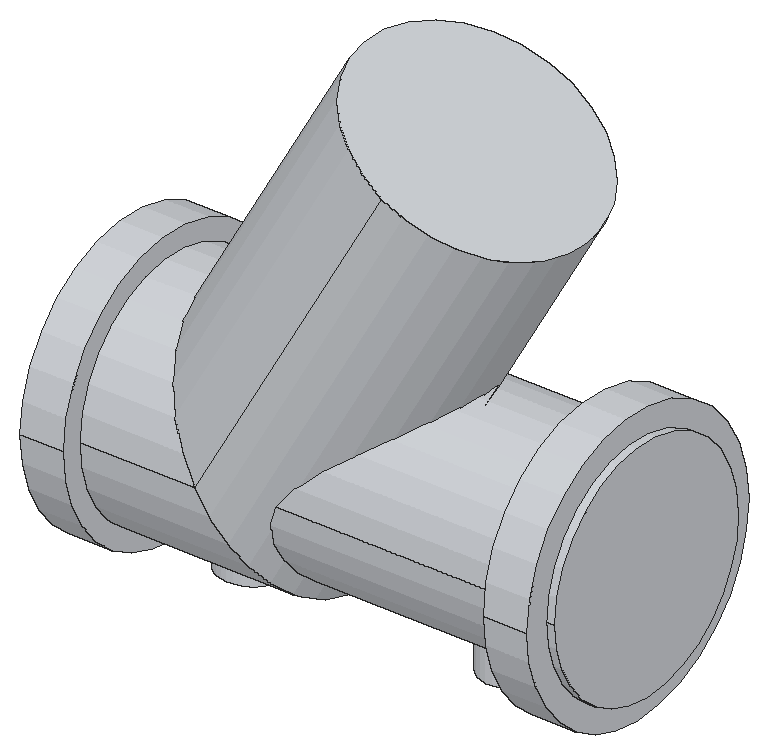
Revit family "HS 821-síto_jemné-PN16-DN400-RFA_2018", category Pipe Accessories, Revit 2018
Family settings
  Round Connector Dimension = Use Diameter
  Part Type = Breaks Into
  Work Plane-Based = No
  Always vertical = Yes
  Cut with Voids When Loaded = No
  Shared = No
Parameters (values of type "821A-DN400-PN16-síto_jemné")
  magiProductId = "d2f677cb196647e385b2590e7d8abe"
  magiProductFamilyId = "79214ac3aaa945e397802f559f5c1e"
  magiPartTypeId = 307
  isMeasuringValve [instance] = no
  ang2D [instance] = 0.00°
  ZB__ve = -ZB  # -89 mm
  ZB1 = 194.4 mm
  ZB = 89 mm
  X2 = 392.237 mm
  X1 = 154 mm
  W2D = 15 mm
  VersionID = "2.0/2017.9.26.1/ZETKAMA_821_001"
  Use Minimum Symbol Size [instance] = yes
  URL = "www.hydronix.cz"
  Type Comments = "Filtr přírubový; síto jemné; A-PN16 (-10~300°C); D-PN25 (-10~350°C); F-PN40 (-10~400°C)"
  S = 480 mm
  QmdConnectorList = "301;D;302;D"
  Productdata [instance] = ""
  Manufacturer = "Hydronix"
  MC Product Code = "210 197 (821A; DN400; PN16; kvs3438,4; oko síta 0,63mm)"
  LM1 = 88 mm
  LM = 880 mm
  L4 = 275 mm
  L2D_Min = 3048 mm
  L2D = 130 mm
  L2 = 550 mm
  HH2 = 679.375 mm
  FD = 580 mm
  Description = "Filtr přírubový; síto jemné; 821A-PN16; 821D-PN25; 821F-PN40"
  DM1 = 498 mm
  DM = 432 mm
  D = 400 mm
  CC = 18.7 mm
  CAT0 = yes
  C1 = 91.3 mm
  C = 110 mm
  BD = 136.08 mm
Types (40, lengths in mm): name | magiProductId | ZB__ve | ZB1 | ZB | X2 | X1 | S | MC Product Code | LM1 | LM | L4 | L2 | HH2 | FD | DM1 | DM | D | CC | C1 | C | BD
  821A-DN015-PN16-síto_jemné | "a71bcfe8b393460598b23e8ddf7dc5" | -16.25 | 18.63 | 16.25 | 46.982 | 18.2 | 46 | "210 115 (821A; DN015; PN16; kvs6,2; oko síta 0,63mm)" | 10.4 | 104 | 32.5 | 65 | 81.375 | 95 | 27.6 | 41.4 | 15 | 2.21 | 10.79 | 13 | 13.041
  821A-DN020-PN16-síto_jemné | "41cd6c7a12924f4991217528336076" | -17.75 | 22.68 | 17.75 | 51.673 | 21 | 56 | "210 120 (821A; DN020; PN16; kvs9,6; oko síta 0,63mm)" | 12 | 120 | 37.5 | 75 | 89.5 | 105 | 33.6 | 50.4 | 20 | 2.55 | 12.45 | 15 | 15.876
  821A-DN025-PN16-síto_jemné | "be378b463ed14c3abf4c9b3ae8cf3a" | -19.25 | 26.325 | 19.25 | 58.601 | 22.4 | 65 | "210 125 (821A; DN025; PN16; kvs14,2; oko síta 0,63mm)" | 12.8 | 128 | 40 | 80 | 101.5 | 115 | 43.2 | 58.5 | 25 | 2.72 | 13.28 | 16 | 18.427
  821A-DN032-PN16-síto_jemné | "227a0d18b21540afabe8b6067d35fa" | -23 | 30.78 | 23 | 68.849 | 25.2 | 76 | "210 132 (821A; DN032; PN16; kvs23,1; oko síta 0,63mm)" | 14.4 | 144 | 45 | 90 | 119.25 | 140 | 50.4 | 68.4 | 32 | 3.06 | 14.94 | 18 | 21.546
  821A-DN040-PN16-síto_jemné | "d106917c74724141a10440112d0102" | -24.5 | 34.02 | 24.5 | 75.777 | 28 | 84 | "210 140 (821A; DN040; PN16; kvs36,6; oko síta 0,63mm)" | 16 | 160 | 50 | 100 | 131.25 | 150 | 60 | 75.6 | 40 | 3.4 | 16.6 | 20 | 23.814
  821A-DN050-PN16-síto_jemné | "8255d456a09e4f6486734f5dd9171b" | -26.75 | 40.095 | 26.75 | 79.061 | 32.2 | 99 | "210 150 (821A; DN050 PN16; kvs53,7; oko síta 0,63mm)" | 18.4 | 184 | 57.5 | 115 | 136.938 | 165 | 73.8 | 89.1 | 50 | 3.91 | 19.09 | 23 | 28.066
  821A-DN065-PN16-síto_jemné | "235b1b3e4c0843779a4d5e3716d40a" | -29.75 | 47.79 | 29.75 | 86.927 | 40.6 | 118 | "210 165 (821A; DN065; PN16; kvs95,1; oko síta 0,63mm)" | 23.2 | 232 | 72.5 | 145 | 150.562 | 185 | 94.2 | 106.2 | 65 | 4.93 | 24.07 | 29 | 33.453
  821A-DN080-PN16-síto_jemné | "a067f7c5236348ed8c820d16df7214" | -32 | 53.46 | 32 | 104.753 | 43.4 | 132 | "210 180 (821A; DN080; PN16; kvs137,1; oko síta 0,63mm)" | 24.8 | 248 | 77.5 | 155 | 181.438 | 200 | 107.4 | 118.8 | 80 | 5.27 | 25.73 | 31 | 37.422
  821A-DN100-PN16-síto_jemné | "c49a648c2747461285837d643703cd" | -35 | 63.18 | 35 | 114.857 | 49 | 156 | "210 190 (821A; DN100; PN16; kvs206,4; oko síta 0,63mm)" | 28 | 280 | 87.5 | 175 | 198.937 | 220 | 131.4 | 140.4 | 100 | 5.95 | 29.05 | 35 | 44.226
  821A-DN125-PN16-síto_jemné | "bf68e728a163493cbd2a663b26ebdc" | -39.5 | 74.52 | 39.5 | 131.888 | 56 | 184 | "210 191 (821A; DN125; PN16; kvs268,8; oko síta 0,63mm)" | 32 | 320 | 100 | 200 | 228.438 | 250 | 165 | 165.6 | 125 | 6.8 | 33.2 | 40 | 52.164
  821A-DN150-PN16-síto_jemné | "2de770284b654863ae6bc865769dc5" | -44.75 | 85.455 | 44.75 | 155.885 | 67.2 | 211 | "210 192 (821A; DN150; PN16; kvs401,4; oko síta 0,63mm)" | 38.4 | 384 | 120 | 240 | 270 | 285 | 192 | 189.9 | 150 | 8.16 | 39.84 | 48 | 59.818
  821A-DN200-PN16-síto_jemné | "8e5693371ab64aabb29a7f08c76e15" | -53 | 107.73 | 53 | 188.361 | 84 | 266 | "210 193 (821A; DN200; PN16; kvs706,7; oko síta 0,63mm)" | 48 | 480 | 150 | 300 | 326.25 | 340 | 252 | 239.4 | 200 | 10.2 | 49.8 | 60 | 75.411
  821A-DN250-PN16-síto_jemné | "05e37ed948c34047acdd4c42556504" | -62.75 | 129.195 | 62.75 | 255.911 | 102.2 | 319 | "210 194 (821A; DN250; PN16; kvs1229,4; oko síta 0,63mm)" | 58.4 | 584 | 182.5 | 365 | 443.25 | 405 | 309.6 | 287.1 | 250 | 12.41 | 60.59 | 73 | 90.436
  821A-DN300-PN16-síto_jemné | "9ad0af747269428da925480d83ce80" | -71 | 149.85 | 71 | 325.914 | 119 | 370 | "210 195 (821A; DN300; PN16; kvs1902,4; oko síta 0,63mm)" | 68 | 680 | 212.5 | 425 | 564.5 | 460 | 369.6 | 333 | 300 | 14.45 | 70.55 | 85 | 104.895
  821A-DN350-PN16-síto_jemné | "eebc71459bb3451bb4355e7951370a" | -80 | 173.745 | 80 | 356.875 | 137.2 | 429 | "200 196 (821A; DN350; PN16; kvs2611,0; oko síta 0,63mm)" | 78.4 | 784 | 245 | 490 | 618.125 | 520 | 438 | 386.1 | 350 | 16.66 | 81.34 | 98 | 121.621
  821A-DN400-PN16-síto_jemné | "d2f677cb196647e385b2590e7d8abe" | -89 | 194.4 | 89 | 392.237 | 154 | 480 | "210 197 (821A; DN400; PN16; kvs3438,4; oko síta 0,63mm)" | 88 | 880 | 275 | 550 | 679.375 | 580 | 498 | 432 | 400 | 18.7 | 91.3 | 110 | 136.08
  821D-DN015-PN25-síto_jemné | "27ddcbf555414f8ca1fde329bf9087" | -16.25 | 18.63 | 16.25 | 46.982 | 18.2 | 46 | "210 215 (821D; DN015; PN25; kvs6,2; oko síta 0,63mm)" | 10.4 | 104 | 32.5 | 65 | 81.375 | 95 | 27.6 | 41.4 | 15 | 2.21 | 10.79 | 13 | 13.041
  821D-DN020-PN25-síto_jemné | "270e0f14012f47189cd0235c18faee" | -17.75 | 22.68 | 17.75 | 51.673 | 21 | 56 | "210 220 (821D; DN020; PN25; kvs9,6; oko síta 0,63mm)" | 12 | 120 | 37.5 | 75 | 89.5 | 105 | 33.6 | 50.4 | 20 | 2.55 | 12.45 | 15 | 15.876
  821D-DN025-PN25-síto_jemné | "b9a7fb4aa36643878c637d8e1ab992" | -19.25 | 26.325 | 19.25 | 58.601 | 22.4 | 65 | "210 225 (821D; DN025; PN25; kvs14,2; oko síta 0,63mm)" | 12.8 | 128 | 40 | 80 | 101.5 | 115 | 43.2 | 58.5 | 25 | 2.72 | 13.28 | 16 | 18.427
  821D-DN032-PN25-síto_jemné | "6be9a55c4e68400f94eec7e804204c" | -23 | 30.78 | 23 | 68.849 | 25.2 | 76 | "210 232 (821D; DN032; PN25; kvs23,1; oko síta 0,63mm)" | 14.4 | 144 | 45 | 90 | 119.25 | 140 | 50.4 | 68.4 | 32 | 3.06 | 14.94 | 18 | 21.546
  821D-DN040-PN25-síto_jemné | "c54511bd7f584ec2984291479612cb" | -24.5 | 34.02 | 24.5 | 75.777 | 28 | 84 | "210 240 (821D; DN040; PN25; kvs36,6; oko síta 0,63mm)" | 16 | 160 | 50 | 100 | 131.25 | 150 | 60 | 75.6 | 40 | 3.4 | 16.6 | 20 | 23.814
  821D-DN050-PN25-síto_jemné | "5483b1f596b04cd39b23a14a22c90e" | -26.75 | 40.095 | 26.75 | 79.061 | 32.2 | 99 | "210 250 (821D; DN050; PN25; kvs53,7; oko síta 0,63mm)" | 18.4 | 184 | 57.5 | 115 | 136.938 | 165 | 73.8 | 89.1 | 50 | 3.91 | 19.09 | 23 | 28.066
  821D-DN065-PN25-síto_jemné | "767b0f8318e94750bc7a9930ed5b30" | -29.75 | 47.79 | 29.75 | 86.927 | 40.6 | 118 | "210 265 (821D; DN065; PN25; kvs95,1; oko síta 0,63mm)" | 23.2 | 232 | 72.5 | 145 | 150.562 | 185 | 94.2 | 106.2 | 65 | 4.93 | 24.07 | 29 | 33.453
  821D-DN080-PN25-síto_jemné | "e21040fa3cc2404b858198f6b73709" | -32 | 53.46 | 32 | 104.753 | 43.4 | 132 | "210 280 (821D; DN080; PN25; kvs137,1; oko síta 0,63mm)" | 24.8 | 248 | 77.5 | 155 | 181.438 | 200 | 107.4 | 118.8 | 80 | 5.27 | 25.73 | 31 | 37.422
  821D-DN100-PN25-síto_jemné | "175ca87a506b40b3bc6b82f12f33cf" | -37.25 | 63.18 | 37.25 | 114.857 | 49 | 156 | "210 290 (821D; DN100; PN25; kvs206,4; oko síta 0,63mm)" | 28 | 280 | 87.5 | 175 | 198.937 | 235 | 131.4 | 140.4 | 100 | 5.95 | 29.05 | 35 | 44.226
  821D-DN125-PN25-síto_jemné | "77cc98d60da24855999a22dff726b2" | -42.5 | 74.52 | 42.5 | 131.888 | 56 | 184 | "210 291 (821D; DN125; PN25; kvs268,8; oko síta 0,63mm)" | 32 | 320 | 100 | 200 | 228.438 | 270 | 165 | 165.6 | 125 | 6.8 | 33.2 | 40 | 52.164
  821D-DN150-PN25-síto_jemné | "9cf8acfcd15547d68e83172d3abcbe" | -47 | 85.455 | 47 | 155.885 | 67.2 | 211 | "210 292 (821D; DN150; PN25; kvs401,4; oko síta 0,63mm)" | 38.4 | 384 | 120 | 240 | 270 | 300 | 192 | 189.9 | 150 | 8.16 | 39.84 | 48 | 59.818
  821D-DN200-PN25-síto_jemné | "16973f3c9ea14389ba8602495a6b64" | -56 | 110.97 | 56 | 188.361 | 84 | 274 | "210 293 (821D; DN200; PN25; kvs706,7; oko síta 0,63mm)" | 48 | 480 | 150 | 300 | 326.25 | 360 | 252 | 246.6 | 200 | 10.2 | 49.8 | 60 | 77.679
  821F-DN015-PN40-síto_jemné | "4c7eaf3c4c0340888b3e684d8a8616" | -16.25 | 18.225 | 16.25 | 46.982 | 18.2 | 45 | "250 615 (821F; DN015; PN40; kvs6,2; oko síta 0,63mm)" | 10.4 | 104 | 32.5 | 65 | 81.375 | 95 | 27.6 | 40.5 | 15 | 2.21 | 10.79 | 13 | 12.757
  821F-DN020-PN40-síto_jemné | "aaac5f1ec96b44d6ba96ac2293d66d" | -17.75 | 23.49 | 17.75 | 51.673 | 21 | 58 | "250 620 (821F; DN020; PN40; kvs9,6; oko síta 0,63mm)" | 12 | 120 | 37.5 | 75 | 89.5 | 105 | 33.6 | 52.2 | 20 | 2.55 | 12.45 | 15 | 16.443
  821F-DN025-PN40-síto_jemné | "504768023968471481789485b54c7e" | -19.25 | 27.54 | 19.25 | 58.601 | 22.4 | 68 | "250 625 (821F; DN025; PN40; kvs14,2; oko síta 0,63mm)" | 12.8 | 128 | 40 | 80 | 101.5 | 115 | 43.2 | 61.2 | 25 | 2.72 | 13.28 | 16 | 19.278
  821F-DN032-PN40-síto_jemné | "165e7f39cf744f329bdf1c400dad12" | -23 | 31.59 | 23 | 68.849 | 25.2 | 78 | "250 632 (821F; DN032; PN40; kvs23,1; oko síta 0,63mm)" | 14.4 | 144 | 45 | 90 | 119.25 | 140 | 50.4 | 70.2 | 32 | 3.06 | 14.94 | 18 | 22.113
  821F-DN040-PN40-síto_jemné | "b8903f952089408fbf3a5a632bab1f" | -24.5 | 35.64 | 24.5 | 75.777 | 28 | 88 | "250 640 (821F; DN040; PN40; kvs36,6; oko síta 0,63mm)" | 16 | 160 | 50 | 100 | 131.25 | 150 | 60 | 79.2 | 40 | 3.4 | 16.6 | 20 | 24.948
  821F-DN050-PN40-síto_jemné | "c451f97266fe48da8f879cb6a2bd44" | -26.75 | 41.31 | 26.75 | 79.061 | 32.2 | 102 | "250 650 (821F; DN050; PN40; kvs53,7; oko síta 0,63mm)" | 18.4 | 184 | 57.5 | 115 | 136.938 | 165 | 73.8 | 91.8 | 50 | 3.91 | 19.09 | 23 | 28.917
  821F-DN065-PN40-síto_jemné | "dc9821e3f9b34e128f6a8c6b34c198" | -29.75 | 49.41 | 29.75 | 86.927 | 40.6 | 122 | "250 665 (821F; DN065; PN40; kvs95,1; oko síta 0,63mm)" | 23.2 | 232 | 72.5 | 145 | 150.562 | 185 | 94.2 | 109.8 | 65 | 4.93 | 24.07 | 29 | 34.587
  821F-DN080-PN40-síto_jemné | "689aa1e260f84cf4994f027a1d86b5" | -32 | 55.89 | 32 | 104.753 | 43.4 | 138 | "250 680 (821F; DN080; PN40; kvs137,1; oko síta 0,63mm)" | 24.8 | 248 | 77.5 | 155 | 181.438 | 200 | 107.4 | 124.2 | 80 | 5.27 | 25.73 | 31 | 39.123
  821F-DN100-PN40-síto_jemné | "8a45d4e8e2ab425f8c432f21d684f3" | -37.25 | 65.61 | 37.25 | 114.857 | 49 | 162 | "250 690 (821F; DN100; PN40; kvs206,4; oko síta 0,63mm)" | 28 | 280 | 87.5 | 175 | 198.937 | 235 | 131.4 | 145.8 | 100 | 5.95 | 29.05 | 35 | 45.927
  821F-DN125-PN40-síto_jemné | "cf073904c006406b8645afa67ea2fc" | -42.5 | 76.14 | 42.5 | 131.888 | 56 | 188 | "250 691 (821F; DN125; PN40; kvs268,8; oko síta 0,63mm)" | 32 | 320 | 100 | 200 | 228.438 | 270 | 165 | 169.2 | 125 | 6.8 | 33.2 | 40 | 53.298
  821F-DN150-PN40-síto_jemné | "0153b9ddabe14992a630484929fdbc" | -47 | 88.29 | 47 | 155.885 | 67.2 | 218 | "250 692 (821F; DN150; PN40; kvs401,4; oko síta 0,63mm)" | 38.4 | 384 | 120 | 240 | 270 | 300 | 192 | 196.2 | 150 | 8.16 | 39.84 | 48 | 61.803
  821F-DN200-PN40-síto_jemné | "7fb3fc01dd8d42428c203e3f8dd4d5" | -56 | 115.425 | 56 | 188.361 | 84 | 285 | "250 693 (821F; DN200; PN40; kvs706,7; oko síta 0,63mm)" | 48 | 480 | 150 | 300 | 326.25 | 360 | 252 | 256.5 | 200 | 10.2 | 49.8 | 60 | 80.797
Reference planes
  plane 1 "Center (Front/Back)": y = 0
  plane 2 "XYPLANE": z = 0
  plane 3 "Center (Left/Right)": x = 0
  plane 4 "109": x = -352
  plane 5 "108": x = 440
  plane 6 "107": x = -440
  plane 7 "105": x = 550
  plane 8 "104": x = -550
  plane 9 "103": y = 0
  plane 10 "102": z = 0
  plane 11 "101": x = -531.3
  plane 12 "100": x = 531.3
  plane 13 "11": x = -198
  plane 14 "10": z = 679.375
  plane 15 "9": x = 194.237
  plane 16 "5": z = -194.4
  plane 17 "4": x = -275
  plane 18 "1": x = 275
Forms (mm)
  Extrusion 1, solid, visible <- "CAT0"
    sketch origin (-440, -750, 0) x (0, 1, 0) y (0, 0, 1)
      loop
        circle (750, 0) r 216
    from 0 to 880 <- "LM"
  Extrusion 2, solid
    sketch origin (-550, -750, 0) x (0, 1, 0) y (0, 0, 1)
      loop
        circle (750, 0) r 240
    from 0 to 18.7 <- "CC"
  Extrusion 3, solid
    sketch origin (-531.3, -750, 0) x (0, 1, 0) y (0, 0, 1)
      loop
        circle (750, 0) r 290
    from 0 to 91.3 <- "C1"
  Extrusion 4, solid
    sketch origin (440, -750, 0) x (0, 1, 0) y (0, 0, 1)
      loop
        circle (750, 0) r 290
    from 0 to 91.3 <- "C1"
  Extrusion 5, solid
    sketch origin (531.3, -750, 0) x (0, 1, 0) y (0, 0, 1)
      loop
        circle (750, 0) r 240
    from 0 to 18.7 <- "CC"
  Sweep 6, solid, visible <- "CAT0"
    path origin (750, 0, 0) x (-1, 0, 0) y (0, 0, 1)
      loop
        line (1190, 0) -> (948, 0) -> (555.763, 679.375)
    profile origin (-440, 0, 0) x (0, 0, -1) y (0, 1, 0)
      loop
        circle (0, 0) r 249
  Extrusion 7, solid, visible <- "CAT0"
    sketch origin (-750, 0, -194.4) x (1, 0, 0) y (0, 1, 0)
      loop
        circle (475, 0) r 68.04
    from 0 to -89 <- "ZB__ve"
  Extrusion 8, solid, visible <- "CAT0"
    sketch origin (-750, 0, -194.4) x (1, 0, 0) y (0, 1, 0)
      loop
        circle (1025, 0) r 68.04
    from 0 to -89 <- "ZB__ve"
  Extrusion 9, solid, not visible
    sketch origin (550, -750, 0) x (0, 1, 0) y (0, 0, 1)
      loop
        circle (750, 0) r 10
    from 0 to -10
  Extrusion 10, solid, not visible
    sketch origin (-550, -750, 0) x (0, 1, 0) y (0, 0, 1)
      loop
        circle (750, 0) r 10
    from 0 to 10
Lines and regions (mm)
  reference lines, not visible
    curve 1: circle (2, 2, 0) r 1 normal (0, 0, 1)
Dimensions and locks
  plane 1 "Center (Front/Back)" to curve 1 = 2 mm
  "LM1": plane 6 "107" to plane 4 "109"
  "LM": plane 6 "107" to plane 5 "108"
  "C": plane 8 "104" to plane 6 "107"
  "L2": plane 3 "Center (Left/Right)" to plane 7 "105"
  "L2": plane 3 "Center (Left/Right)" to plane 8 "104"
  locked: plane 1 "Center (Front/Back)" to plane 9 "103"
  locked: plane 2 "XYPLANE" to plane 10 "102"
  "CC": plane 8 "104" to plane 11 "101"
  "C1": plane 5 "108" to plane 12 "100"
  "X1": plane 4 "109" to plane 13 "11"
  "HH2": plane 2 "XYPLANE" to plane 14 "10"
  "X2": plane 13 "11" to plane 15 "9"
  "ZB1": plane 2 "XYPLANE" to plane 16 "5"
  "L4": plane 8 "104" to plane 17 "4"
  "L2": plane 17 "4" to plane 18 "1"
  Sweep 6 sketch curve to Sweep 6 sketch curve = 0 mm  (x2)
  "DM": diameter of Extrusion 1 sketch curve
  "S": diameter of Extrusion 2 sketch curve
  "FD": diameter of Extrusion 3 sketch curve
  "FD": diameter of Extrusion 4 sketch curve
  "S": diameter of Extrusion 5 sketch curve
  "DM1": diameter of Sweep 6 sketch curve
  "BD": diameter of Extrusion 7 sketch curve
  "BD": diameter of Extrusion 8 sketch curve
  aligned and locked: level to plane 2 "XYPLANE"
  aligned and locked: Extrusion 1 sketch curve to plane 9 "103"
  aligned and locked: plane 10 "102" to Extrusion 1 sketch curve
  aligned and locked: Extrusion 2 sketch curve to plane 9 "103"
  aligned and locked: plane 10 "102" to Extrusion 2 sketch curve
  aligned and locked: Extrusion 3 sketch curve to plane 9 "103"
  aligned and locked: plane 10 "102" to Extrusion 3 sketch curve
  aligned and locked: Extrusion 4 sketch curve to plane 9 "103"
  aligned and locked: plane 10 "102" to Extrusion 4 sketch curve
  aligned and locked: Extrusion 5 sketch curve to plane 9 "103"
  aligned and locked: plane 10 "102" to Extrusion 5 sketch curve
  aligned and locked: Sweep 6 sketch curve to plane 9 "103"
  aligned and locked: plane 10 "102" to Sweep 6 sketch curve  (x3)
  aligned and locked: plane 6 "107" to Sweep 6 sketch curve
  aligned and locked: plane 13 "11" to Sweep 6 sketch curve
  aligned and locked: plane 14 "10" to Sweep 6 sketch curve
  aligned and locked: plane 15 "9" to Sweep 6 sketch curve
  aligned and locked: plane 9 "103" to Extrusion 7 sketch curve
  aligned and locked: plane 17 "4" to Extrusion 7 sketch curve
  aligned and locked: plane 9 "103" to Extrusion 8 sketch curve
  aligned and locked: plane 18 "1" to Extrusion 8 sketch curve
  aligned and locked: Extrusion 9 sketch curve to plane 9 "103"
  aligned and locked: plane 10 "102" to Extrusion 9 sketch curve
  aligned and locked: Extrusion 10 sketch curve to plane 9 "103"
  aligned and locked: plane 10 "102" to Extrusion 10 sketch curve
Automatic sketch dimensions
  plane 1 "Center (Front/Back)" to Extrusion 9 sketch curve = 10 mm
  plane 1 "Center (Front/Back)" to Extrusion 10 sketch curve = 10 mm
  plane 3 "Center (Left/Right)" to curve 1 = 2 mm
  radius of curve 1 = 1 mm
Connectors
  piping at (-550, 0, 0), diameter 400, driven by "D"
    settings: on Extrusion 10, index 1, connector inside diameter 609.6 mm, connector length 0 mm, flow factor 0, pipe flow 0.0 L/s, pressure drop 0.0 Pa, fitting loss kfactor 0, connector angle 0.00°, fixture units 0, engagement length 0 mm, angle of deflection 0.00°, flow configuration 0, flow direction 0, fitting loss method 0, system type 29, joint type 0, gender type 0, connector reference index 2, connector utility 0, adjustable connector no, is connector primary yes, connector description ""
  piping at (550, 0, 0), diameter 400, driven by "D"
    settings: on Extrusion 9, index 2, connector inside diameter 609.6 mm, connector length 0 mm, flow factor 0, pipe flow 0.0 L/s, pressure drop 0.0 Pa, fitting loss kfactor 0, connector angle 0.00°, fixture units 0, engagement length 0 mm, angle of deflection 0.00°, flow configuration 0, flow direction 0, fitting loss method 0, system type 29, joint type 0, gender type 0, connector reference index 1, connector utility 0, adjustable connector no, is connector primary no, connector description ""
